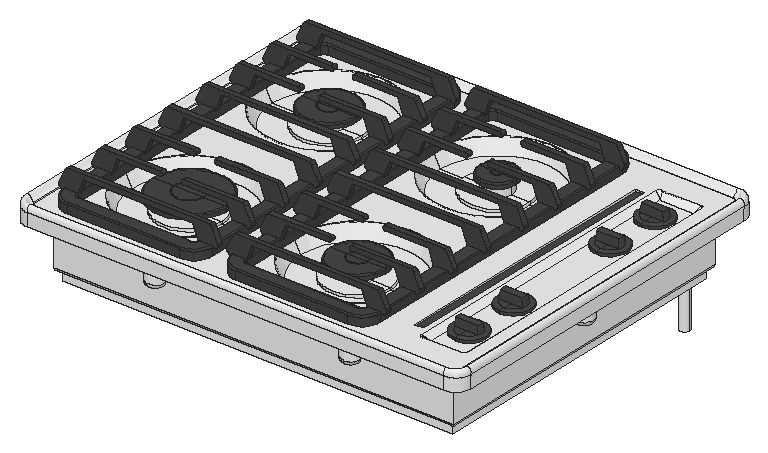
Revit family "QF_Summit_ZTL033S_Cooktop", category Specialty Equipment, Revit 2020 (continued)
Automatic sketch dimensions
  curve 75 to curve 94 = 0"  (x2)
  curve 75 to curve 117 = 0"  (x2)
  curve 75 to curve 118 = 0"  (x2)
  curve 75 to curve 119 = 0"  (x2)
  curve 75 to curve 120 = 0"  (x2)
  curve 75 to curve 121 = 0"  (x2)
  curve 75 to curve 122 = 0"  (x2)
  curve 75 to curve 123 = 0"  (x2)
  curve 75 to curve 124 = 0"  (x2)
  curve 75 to curve 125 = 0"  (x2)
  curve 75 to curve 126 = 0"  (x2)
  curve 75 to curve 127 = 0"  (x2)
  curve 75 to curve 128 = 0"  (x2)
  curve 75 to curve 129 = 0"  (x2)
  curve 75 to curve 130 = 0"  (x2)
  curve 75 to curve 131 = 0"  (x2)
  curve 75 to curve 132 = 0"  (x2)
  curve 75 to curve 133 = 0"  (x2)
  curve 75 to curve 134 = 0"  (x2)
  curve 76 to curve 91 = 0"  (x2)
  curve 76 to curve 92 = 0"  (x2)
  curve 76 to curve 93 = 0"  (x2)
  curve 76 to curve 94 = 0"  (x2)
  curve 76 to curve 117 = 0"  (x2)
  curve 76 to curve 118 = 0"  (x2)
  curve 76 to curve 119 = 0"  (x2)
  curve 76 to curve 120 = 0"  (x2)
  curve 76 to curve 121 = 0"  (x2)
  curve 76 to curve 122 = 0"  (x2)
  curve 76 to curve 123 = 0"  (x2)
  curve 76 to curve 124 = 0"  (x2)
  curve 76 to curve 125 = 0"  (x2)
  curve 76 to curve 126 = 0"  (x2)
  curve 76 to curve 127 = 0"  (x2)
  curve 76 to curve 128 = 0"  (x2)
  curve 76 to curve 129 = 0"  (x2)
  curve 76 to curve 130 = 0"  (x2)
  curve 76 to curve 131 = 0"  (x2)
  curve 76 to curve 132 = 0"  (x2)
  curve 76 to curve 133 = 0"  (x2)
  curve 76 to curve 134 = 0"  (x2)
  curve 77 to curve 78 = 0"  (x2)
  curve 77 to curve 79 = 0"  (x2)
  curve 77 to curve 80 = 0"  (x2)
  curve 77 to curve 81 = 0"  (x2)
  curve 77 to curve 82 = 0"  (x2)
  curve 77 to curve 95 = 0"  (x2)
  curve 77 to curve 96 = 0"  (x2)
  curve 77 to curve 97 = 0"  (x2)
  curve 77 to curve 98 = 0"  (x2)
  curve 77 to curve 114 = 0"  (x2)
  curve 77 to curve 115 = 0"  (x2)
  curve 77 to curve 116 = 0"  (x2)
  curve 77 to curve 135 = 0"  (x2)
  curve 77 to curve 136 = 0"  (x2)
  curve 77 to curve 137 = 0"  (x2)
  curve 77 to curve 138 = 0"  (x2)
  curve 77 to curve 139 = 0"  (x2)
  curve 77 to curve 140 = 0"  (x2)
  curve 77 to curve 141 = 0"  (x2)
  curve 77 to curve 142 = 0"  (x2)
  curve 77 to curve 143 = 0"  (x2)
  curve 78 to curve 79 = 0"  (x2)
  curve 78 to curve 80 = 0"  (x2)
  curve 78 to curve 81 = 0"  (x2)
  curve 78 to curve 82 = 0"  (x2)
  curve 78 to curve 95 = 0"  (x2)
  curve 78 to curve 96 = 0"  (x2)
  curve 78 to curve 97 = 0"  (x2)
  curve 78 to curve 98 = 0"  (x2)
  curve 78 to curve 114 = 0"  (x2)
  curve 78 to curve 115 = 0"  (x2)
  curve 78 to curve 116 = 0"  (x2)
  curve 78 to curve 135 = 0"  (x2)
  curve 78 to curve 136 = 0"  (x2)
  curve 78 to curve 137 = 0"  (x2)
  curve 78 to curve 138 = 0"  (x2)
  curve 78 to curve 139 = 0"  (x2)
  curve 78 to curve 140 = 0"  (x2)
  curve 78 to curve 141 = 0"  (x2)
  curve 78 to curve 142 = 0"  (x2)
  curve 78 to curve 143 = 0"  (x2)
  curve 79 to curve 80 = 0"  (x2)
  curve 79 to curve 81 = 0"  (x2)
  curve 79 to curve 82 = 0"  (x2)
  curve 79 to curve 95 = 0"  (x2)
  curve 79 to curve 96 = 0"  (x2)
  curve 79 to curve 97 = 0"  (x2)
  curve 79 to curve 98 = 0"  (x2)
  curve 79 to curve 114 = 0"  (x2)
  curve 79 to curve 115 = 0"  (x2)
  curve 79 to curve 116 = 0"  (x2)
  curve 79 to curve 135 = 0"  (x2)
  curve 79 to curve 136 = 0"  (x2)
  curve 79 to curve 137 = 0"  (x2)
  curve 79 to curve 138 = 0"  (x2)
  curve 79 to curve 139 = 0"  (x2)
  curve 79 to curve 140 = 0"  (x2)
  curve 79 to curve 141 = 0"  (x2)
  curve 79 to curve 142 = 0"  (x2)
  curve 79 to curve 143 = 0"  (x2)
  curve 80 to curve 81 = 0"  (x2)
  curve 80 to curve 82 = 0"  (x2)
  curve 80 to curve 95 = 0"  (x2)
  curve 80 to curve 96 = 0"  (x2)
  curve 80 to curve 97 = 0"  (x2)
  curve 80 to curve 98 = 0"  (x2)
  curve 80 to curve 114 = 0"  (x2)
  curve 80 to curve 115 = 0"  (x2)
  curve 80 to curve 116 = 0"  (x2)
  curve 80 to curve 135 = 0"  (x2)
  curve 80 to curve 136 = 0"  (x2)
  curve 80 to curve 137 = 0"  (x2)
  curve 80 to curve 138 = 0"  (x2)
  curve 80 to curve 139 = 0"  (x2)
  curve 80 to curve 140 = 0"  (x2)
  curve 80 to curve 141 = 0"  (x2)
  curve 80 to curve 142 = 0"  (x2)
  curve 80 to curve 143 = 0"  (x2)
  curve 81 to curve 82 = 0"  (x2)
  curve 81 to curve 95 = 0"  (x2)
  curve 81 to curve 96 = 0"  (x2)
  curve 81 to curve 97 = 0"  (x2)
  curve 81 to curve 98 = 0"  (x2)
  curve 81 to curve 114 = 0"  (x2)
  curve 81 to curve 115 = 0"  (x2)
  curve 81 to curve 116 = 0"  (x2)
  curve 81 to curve 135 = 0"  (x2)
  curve 81 to curve 136 = 0"  (x2)
  curve 81 to curve 137 = 0"  (x2)
  curve 81 to curve 138 = 0"  (x2)
  curve 81 to curve 139 = 0"  (x2)
  curve 81 to curve 140 = 0"  (x2)
  curve 81 to curve 141 = 0"  (x2)
  curve 81 to curve 142 = 0"  (x2)
  curve 81 to curve 143 = 0"  (x2)
  curve 82 to curve 95 = 0"  (x2)
  curve 82 to curve 96 = 0"  (x2)
  curve 82 to curve 97 = 0"  (x2)
  curve 82 to curve 98 = 0"  (x2)
  curve 82 to curve 114 = 0"  (x2)
  curve 82 to curve 115 = 0"  (x2)
  curve 82 to curve 116 = 0"  (x2)
  curve 82 to curve 135 = 0"  (x2)
  curve 82 to curve 136 = 0"  (x2)
  curve 82 to curve 137 = 0"  (x2)
  curve 82 to curve 138 = 0"  (x2)
  curve 82 to curve 139 = 0"  (x2)
  curve 82 to curve 140 = 0"  (x2)
  curve 82 to curve 141 = 0"  (x2)
  curve 82 to curve 142 = 0"  (x2)
  curve 82 to curve 143 = 0"  (x2)
  curve 83 to curve 84 = 0"  (x2)
  curve 83 to curve 85 = 0"  (x2)
  curve 83 to curve 86 = 0"  (x2)
  curve 83 to curve 102 = 0"  (x2)
  curve 83 to curve 103 = 0"  (x2)
  curve 83 to curve 104 = 0"  (x2)
  curve 83 to curve 105 = 0"  (x2)
  curve 83 to curve 106 = 0"  (x2)
  curve 83 to curve 107 = 0"  (x2)
  curve 83 to curve 108 = 0"  (x2)
  curve 83 to curve 109 = 0"  (x2)
  curve 83 to curve 152 = 0"  (x2)
  curve 83 to curve 153 = 0"  (x2)
  curve 83 to curve 154 = 0"  (x2)
  curve 83 to curve 155 = 0"  (x2)
  curve 83 to curve 156 = 0"  (x2)
  curve 83 to curve 157 = 0"  (x2)
  curve 83 to curve 158 = 0"  (x2)
  curve 83 to curve 159 = 0"  (x2)
  curve 84 to curve 85 = 0"  (x2)
  curve 84 to curve 86 = 0"  (x2)
  curve 84 to curve 102 = 0"  (x2)
  curve 84 to curve 103 = 0"  (x2)
  curve 84 to curve 104 = 0"  (x2)
  curve 84 to curve 105 = 0"  (x2)
  curve 84 to curve 106 = 0"  (x2)
  curve 84 to curve 107 = 0"  (x2)
  curve 84 to curve 108 = 0"  (x2)
  curve 84 to curve 109 = 0"  (x2)
  curve 84 to curve 152 = 0"  (x2)
  curve 84 to curve 153 = 0"  (x2)
  curve 84 to curve 154 = 0"  (x2)
  curve 84 to curve 155 = 0"  (x2)
  curve 84 to curve 156 = 0"  (x2)
  curve 84 to curve 157 = 0"  (x2)
  curve 84 to curve 158 = 0"  (x2)
  curve 84 to curve 159 = 0"  (x2)
  curve 85 to curve 86 = 0"  (x2)
  curve 85 to curve 102 = 0"  (x2)
  curve 85 to curve 103 = 0"  (x2)
  curve 85 to curve 104 = 0"  (x2)
  curve 85 to curve 105 = 0"  (x2)
  curve 85 to curve 106 = 0"  (x2)
  curve 85 to curve 107 = 0"  (x2)
  curve 85 to curve 108 = 0"  (x2)
  curve 85 to curve 109 = 0"  (x2)
  curve 85 to curve 152 = 0"  (x2)
  curve 85 to curve 153 = 0"  (x2)
  curve 85 to curve 154 = 0"  (x2)
  curve 85 to curve 155 = 0"  (x2)
  curve 85 to curve 156 = 0"  (x2)
  curve 85 to curve 157 = 0"  (x2)
  curve 85 to curve 158 = 0"  (x2)
  curve 85 to curve 159 = 0"  (x2)
  curve 86 to curve 102 = 0"  (x2)
  curve 86 to curve 103 = 0"  (x2)
  curve 86 to curve 104 = 0"  (x2)
  curve 86 to curve 105 = 0"  (x2)
  curve 86 to curve 106 = 0"  (x2)
  curve 86 to curve 107 = 0"  (x2)
  curve 86 to curve 108 = 0"  (x2)
  curve 86 to curve 109 = 0"  (x2)
  curve 86 to curve 152 = 0"  (x2)
  curve 86 to curve 153 = 0"  (x2)
  curve 86 to curve 154 = 0"  (x2)
  curve 86 to curve 155 = 0"  (x2)
  curve 86 to curve 156 = 0"  (x2)
  curve 86 to curve 157 = 0"  (x2)
  curve 86 to curve 158 = 0"  (x2)
  curve 86 to curve 159 = 0"  (x2)
  curve 87 to curve 88 = 0"  (x2)
  curve 87 to curve 89 = 0"  (x2)
  curve 87 to curve 90 = 0"  (x2)
  curve 87 to curve 99 = 0"  (x2)
  curve 87 to curve 100 = 0"  (x2)
  curve 87 to curve 101 = 0"  (x2)
  curve 87 to curve 110 = 0"  (x2)
  curve 87 to curve 111 = 0"  (x2)
  curve 87 to curve 112 = 0"  (x2)
  curve 87 to curve 113 = 0"  (x2)
  curve 87 to curve 144 = 0"  (x2)
  curve 87 to curve 145 = 0"  (x2)
  curve 87 to curve 146 = 0"  (x2)
  curve 87 to curve 147 = 0"  (x2)
  curve 87 to curve 148 = 0"  (x2)
  curve 87 to curve 149 = 0"  (x2)
  curve 87 to curve 150 = 0"  (x2)
  curve 87 to curve 151 = 0"  (x2)
  curve 87 to curve 160 = 0"  (x2)
  curve 87 to curve 161 = 0"  (x2)
  curve 87 to curve 162 = 0"  (x2)
  curve 87 to curve 163 = 0"  (x2)
  curve 87 to curve 164 = 0"  (x2)
  curve 87 to curve 165 = 0"  (x2)
  curve 88 to curve 89 = 0"  (x2)
  curve 88 to curve 90 = 0"  (x2)
  curve 88 to curve 99 = 0"  (x2)
  curve 88 to curve 100 = 0"  (x2)
  curve 88 to curve 101 = 0"  (x2)
  curve 88 to curve 110 = 0"  (x2)
  curve 88 to curve 111 = 0"  (x2)
  curve 88 to curve 112 = 0"  (x2)
  curve 88 to curve 113 = 0"  (x2)
  curve 88 to curve 144 = 0"  (x2)
  curve 88 to curve 145 = 0"  (x2)
  curve 88 to curve 146 = 0"  (x2)
  curve 88 to curve 147 = 0"  (x2)
  curve 88 to curve 148 = 0"  (x2)
  curve 88 to curve 149 = 0"  (x2)
  curve 88 to curve 150 = 0"  (x2)
  curve 88 to curve 151 = 0"  (x2)
  curve 88 to curve 160 = 0"  (x2)
  curve 88 to curve 161 = 0"  (x2)
  curve 88 to curve 162 = 0"  (x2)
  curve 88 to curve 163 = 0"  (x2)
  curve 88 to curve 164 = 0"  (x2)
  curve 88 to curve 165 = 0"  (x2)
  curve 89 to curve 90 = 0"  (x2)
  curve 89 to curve 99 = 0"  (x2)
  curve 89 to curve 100 = 0"  (x2)
  curve 89 to curve 101 = 0"  (x2)
  curve 89 to curve 110 = 0"  (x2)
  curve 89 to curve 111 = 0"  (x2)
  curve 89 to curve 112 = 0"  (x2)
  curve 89 to curve 113 = 0"  (x2)
  curve 89 to curve 144 = 0"  (x2)
  curve 89 to curve 145 = 0"  (x2)
  curve 89 to curve 146 = 0"  (x2)
  curve 89 to curve 147 = 0"  (x2)
  curve 89 to curve 148 = 0"  (x2)
  curve 89 to curve 149 = 0"  (x2)
  curve 89 to curve 150 = 0"  (x2)
  curve 89 to curve 151 = 0"  (x2)
  curve 89 to curve 160 = 0"  (x2)
  curve 89 to curve 161 = 0"  (x2)
  curve 89 to curve 162 = 0"  (x2)
  curve 89 to curve 163 = 0"  (x2)
  curve 89 to curve 164 = 0"  (x2)
  curve 89 to curve 165 = 0"  (x2)
  curve 90 to curve 99 = 0"  (x2)
  curve 90 to curve 100 = 0"  (x2)
  curve 90 to curve 101 = 0"  (x2)
  curve 90 to curve 110 = 0"  (x2)
  curve 90 to curve 111 = 0"  (x2)
  curve 90 to curve 112 = 0"  (x2)
  curve 90 to curve 113 = 0"  (x2)
  curve 90 to curve 144 = 0"  (x2)
  curve 90 to curve 145 = 0"  (x2)
  curve 90 to curve 146 = 0"  (x2)
  curve 90 to curve 147 = 0"  (x2)
  curve 90 to curve 148 = 0"  (x2)
  curve 90 to curve 149 = 0"  (x2)
  curve 90 to curve 150 = 0"  (x2)
  curve 90 to curve 151 = 0"  (x2)
  curve 90 to curve 160 = 0"  (x2)
  curve 90 to curve 161 = 0"  (x2)
  curve 90 to curve 162 = 0"  (x2)
  curve 90 to curve 163 = 0"  (x2)
  curve 90 to curve 164 = 0"  (x2)
  curve 90 to curve 165 = 0"  (x2)
  curve 91 to curve 92 = 0"  (x2)
  curve 91 to curve 93 = 0"  (x2)
  curve 91 to curve 94 = 0"  (x2)
  curve 91 to curve 117 = 0"  (x2)
  curve 91 to curve 118 = 0"  (x2)
  curve 91 to curve 119 = 0"  (x2)
  curve 91 to curve 120 = 0"  (x2)
  curve 91 to curve 121 = 0"  (x2)
  curve 91 to curve 122 = 0"  (x2)
  curve 91 to curve 123 = 0"  (x2)
  curve 91 to curve 124 = 0"  (x2)
  curve 91 to curve 125 = 0"  (x2)
  curve 91 to curve 126 = 0"  (x2)
  curve 91 to curve 127 = 0"  (x2)
  curve 91 to curve 128 = 0"  (x2)
  curve 91 to curve 129 = 0"  (x2)
  curve 91 to curve 130 = 0"  (x2)
  curve 91 to curve 131 = 0"  (x2)
  curve 91 to curve 132 = 0"  (x2)
  curve 91 to curve 133 = 0"  (x2)
  curve 91 to curve 134 = 0"  (x2)
  curve 92 to curve 93 = 0"  (x2)
  curve 92 to curve 94 = 0"  (x2)
  curve 92 to curve 117 = 0"  (x2)
  curve 92 to curve 118 = 0"  (x2)
  curve 92 to curve 119 = 0"  (x2)
  curve 92 to curve 120 = 0"  (x2)
  curve 92 to curve 121 = 0"  (x2)
  curve 92 to curve 122 = 0"  (x2)
  curve 92 to curve 123 = 0"  (x2)
  curve 92 to curve 124 = 0"  (x2)
  curve 92 to curve 125 = 0"  (x2)
  curve 92 to curve 126 = 0"  (x2)
  curve 92 to curve 127 = 0"  (x2)
  curve 92 to curve 128 = 0"  (x2)
  curve 92 to curve 129 = 0"  (x2)
  curve 92 to curve 130 = 0"  (x2)
  curve 92 to curve 131 = 0"  (x2)
  curve 92 to curve 132 = 0"  (x2)
  curve 92 to curve 133 = 0"  (x2)
  curve 92 to curve 134 = 0"  (x2)
  curve 93 to curve 94 = 0"  (x2)
  curve 93 to curve 117 = 0"  (x2)
  curve 93 to curve 118 = 0"  (x2)
  curve 93 to curve 119 = 0"  (x2)
  curve 93 to curve 120 = 0"  (x2)
  curve 93 to curve 121 = 0"  (x2)
  curve 93 to curve 122 = 0"  (x2)
  curve 93 to curve 123 = 0"  (x2)
  curve 93 to curve 124 = 0"  (x2)
  curve 93 to curve 125 = 0"  (x2)
  curve 93 to curve 126 = 0"  (x2)
  curve 93 to curve 127 = 0"  (x2)
  curve 93 to curve 128 = 0"  (x2)
  curve 93 to curve 129 = 0"  (x2)
  curve 93 to curve 130 = 0"  (x2)
  curve 93 to curve 131 = 0"  (x2)
  curve 93 to curve 132 = 0"  (x2)
  curve 93 to curve 133 = 0"  (x2)
  curve 93 to curve 134 = 0"  (x2)
  curve 94 to curve 117 = 0"  (x2)
  curve 94 to curve 118 = 0"  (x2)
  curve 94 to curve 119 = 0"  (x2)
  curve 94 to curve 120 = 0"  (x2)
  curve 94 to curve 121 = 0"  (x2)
  curve 94 to curve 122 = 0"  (x2)
  curve 94 to curve 123 = 0"  (x2)
  curve 94 to curve 124 = 0"  (x2)
  curve 94 to curve 125 = 0"  (x2)
  curve 94 to curve 126 = 0"  (x2)
  curve 94 to curve 127 = 0"  (x2)
  curve 94 to curve 128 = 0"  (x2)
  curve 94 to curve 129 = 0"  (x2)
  curve 94 to curve 130 = 0"  (x2)
  curve 94 to curve 131 = 0"  (x2)
  curve 94 to curve 132 = 0"  (x2)
  curve 94 to curve 133 = 0"  (x2)
  curve 94 to curve 134 = 0"  (x2)
  curve 95 to curve 96 = 0"  (x2)
  curve 95 to curve 97 = 0"  (x2)
  curve 95 to curve 98 = 0"  (x2)
  curve 95 to curve 114 = 0"  (x2)
  curve 95 to curve 115 = 0"  (x2)
  curve 95 to curve 116 = 0"  (x2)
  curve 95 to curve 135 = 0"  (x2)
  curve 95 to curve 136 = 0"  (x2)
  curve 95 to curve 137 = 0"  (x2)
  curve 95 to curve 138 = 0"  (x2)
  curve 95 to curve 139 = 0"  (x2)
  curve 95 to curve 140 = 0"  (x2)
  curve 95 to curve 141 = 0"  (x2)
  curve 95 to curve 142 = 0"  (x2)
  curve 95 to curve 143 = 0"  (x2)
  curve 96 to curve 97 = 0"  (x2)
  curve 96 to curve 98 = 0"  (x2)
  curve 96 to curve 114 = 0"  (x2)
  curve 96 to curve 115 = 0"  (x2)
  curve 96 to curve 116 = 0"  (x2)
  curve 96 to curve 135 = 0"  (x2)
  curve 96 to curve 136 = 0"  (x2)
  curve 96 to curve 137 = 0"  (x2)
  curve 96 to curve 138 = 0"  (x2)
  curve 96 to curve 139 = 0"  (x2)
  curve 96 to curve 140 = 0"  (x2)
  curve 96 to curve 141 = 0"  (x2)
  curve 96 to curve 142 = 0"  (x2)
  curve 96 to curve 143 = 0"  (x2)
  curve 97 to curve 98 = 0"  (x2)
  curve 97 to curve 114 = 0"  (x2)
  curve 97 to curve 115 = 0"  (x2)
  curve 97 to curve 116 = 0"  (x2)
  curve 97 to curve 135 = 0"  (x2)
  curve 97 to curve 136 = 0"  (x2)
  curve 97 to curve 137 = 0"  (x2)
  curve 97 to curve 138 = 0"  (x2)
  curve 97 to curve 139 = 0"  (x2)
  curve 97 to curve 140 = 0"  (x2)
  curve 97 to curve 141 = 0"  (x2)
  curve 97 to curve 142 = 0"  (x2)
  curve 97 to curve 143 = 0"  (x2)
  curve 98 to curve 114 = 0"  (x2)
  curve 98 to curve 115 = 0"  (x2)
  curve 98 to curve 116 = 0"  (x2)
  curve 98 to curve 135 = 0"  (x2)
  curve 98 to curve 136 = 0"  (x2)
  curve 98 to curve 137 = 0"  (x2)
  curve 98 to curve 138 = 0"  (x2)
  curve 98 to curve 139 = 0"  (x2)
  curve 98 to curve 140 = 0"  (x2)
  curve 98 to curve 141 = 0"  (x2)
  curve 98 to curve 142 = 0"  (x2)
  curve 98 to curve 143 = 0"  (x2)
  curve 99 to curve 100 = 0"  (x2)
  curve 99 to curve 101 = 0"  (x2)
  curve 99 to curve 110 = 0"  (x2)
  curve 99 to curve 111 = 0"  (x2)
  curve 99 to curve 112 = 0"  (x2)
  curve 99 to curve 113 = 0"  (x2)
  curve 99 to curve 144 = 0"  (x2)
  curve 99 to curve 145 = 0"  (x2)
  curve 99 to curve 146 = 0"  (x2)
  curve 99 to curve 147 = 0"  (x2)
  curve 99 to curve 148 = 0"  (x2)
  curve 99 to curve 149 = 0"  (x2)
  curve 99 to curve 150 = 0"  (x2)
  curve 99 to curve 151 = 0"  (x2)
  curve 99 to curve 160 = 0"  (x2)
  curve 99 to curve 161 = 0"  (x2)
  curve 99 to curve 162 = 0"  (x2)
  curve 99 to curve 163 = 0"  (x2)
  curve 99 to curve 164 = 0"  (x2)
  curve 99 to curve 165 = 0"  (x2)
  curve 100 to curve 101 = 0"  (x2)
  curve 100 to curve 110 = 0"  (x2)
  curve 100 to curve 111 = 0"  (x2)
  curve 100 to curve 112 = 0"  (x2)
  curve 100 to curve 113 = 0"  (x2)
  curve 100 to curve 144 = 0"  (x2)
  curve 100 to curve 145 = 0"  (x2)
  curve 100 to curve 146 = 0"  (x2)
  curve 100 to curve 147 = 0"  (x2)
  curve 100 to curve 148 = 0"  (x2)
  curve 100 to curve 149 = 0"  (x2)
  curve 100 to curve 150 = 0"  (x2)
  curve 100 to curve 151 = 0"  (x2)
  curve 100 to curve 160 = 0"  (x2)
  curve 100 to curve 161 = 0"  (x2)
  curve 100 to curve 162 = 0"  (x2)
  curve 100 to curve 163 = 0"  (x2)
  curve 100 to curve 164 = 0"  (x2)
  curve 100 to curve 165 = 0"  (x2)
  curve 101 to curve 110 = 0"  (x2)
  curve 101 to curve 111 = 0"  (x2)
  curve 101 to curve 112 = 0"  (x2)
  curve 101 to curve 113 = 0"  (x2)
  curve 101 to curve 144 = 0"  (x2)
  curve 101 to curve 145 = 0"  (x2)
  curve 101 to curve 146 = 0"  (x2)
  curve 101 to curve 147 = 0"  (x2)
  curve 101 to curve 148 = 0"  (x2)
  curve 101 to curve 149 = 0"  (x2)
  curve 101 to curve 150 = 0"  (x2)
  curve 101 to curve 151 = 0"  (x2)
  curve 101 to curve 160 = 0"  (x2)
  curve 101 to curve 161 = 0"  (x2)
  curve 101 to curve 162 = 0"  (x2)
  curve 101 to curve 163 = 0"  (x2)
  curve 101 to curve 164 = 0"  (x2)
  curve 101 to curve 165 = 0"  (x2)
  curve 102 to curve 103 = 0"  (x2)
  curve 102 to curve 104 = 0"  (x2)
  curve 102 to curve 105 = 0"  (x2)
  curve 102 to curve 106 = 0"  (x2)
  curve 102 to curve 107 = 0"  (x2)
  curve 102 to curve 108 = 0"  (x2)
  curve 102 to curve 109 = 0"  (x2)
  curve 102 to curve 152 = 0"  (x2)
  curve 102 to curve 153 = 0"  (x2)
  curve 102 to curve 154 = 0"  (x2)
  curve 102 to curve 155 = 0"  (x2)
  curve 102 to curve 156 = 0"  (x2)
  curve 102 to curve 157 = 0"  (x2)
  curve 102 to curve 158 = 0"  (x2)
  curve 102 to curve 159 = 0"  (x2)
  curve 103 to curve 104 = 0"  (x2)
  curve 103 to curve 105 = 0"  (x2)
  curve 103 to curve 106 = 0"  (x2)
  curve 103 to curve 107 = 0"  (x2)
  curve 103 to curve 108 = 0"  (x2)
  curve 103 to curve 109 = 0"  (x2)
  curve 103 to curve 152 = 0"  (x2)
  curve 103 to curve 153 = 0"  (x2)
  curve 103 to curve 154 = 0"  (x2)
  curve 103 to curve 155 = 0"  (x2)
  curve 103 to curve 156 = 0"  (x2)
  curve 103 to curve 157 = 0"  (x2)
  curve 103 to curve 158 = 0"  (x2)
  curve 103 to curve 159 = 0"  (x2)
  curve 104 to curve 105 = 0"  (x2)
  curve 104 to curve 106 = 0"  (x2)
  curve 104 to curve 107 = 0"  (x2)
  curve 104 to curve 108 = 0"  (x2)
  curve 104 to curve 109 = 0"  (x2)
  curve 104 to curve 152 = 0"  (x2)
  curve 104 to curve 153 = 0"  (x2)
  curve 104 to curve 154 = 0"  (x2)
  curve 104 to curve 155 = 0"  (x2)
  curve 104 to curve 156 = 0"  (x2)
  curve 104 to curve 157 = 0"  (x2)
  curve 104 to curve 158 = 0"  (x2)
  curve 104 to curve 159 = 0"  (x2)
  curve 105 to curve 106 = 0"  (x2)
  curve 105 to curve 107 = 0"  (x2)
  curve 105 to curve 108 = 0"  (x2)
  curve 105 to curve 109 = 0"  (x2)
  curve 105 to curve 152 = 0"  (x2)
  curve 105 to curve 153 = 0"  (x2)
  curve 105 to curve 154 = 0"  (x2)
  curve 105 to curve 155 = 0"  (x2)
  curve 105 to curve 156 = 0"  (x2)
  curve 105 to curve 157 = 0"  (x2)
  curve 105 to curve 158 = 0"  (x2)
  curve 105 to curve 159 = 0"  (x2)
  curve 106 to curve 107 = 0"  (x2)
  curve 106 to curve 108 = 0"  (x2)
  curve 106 to curve 109 = 0"  (x2)
  curve 106 to curve 152 = 0"  (x2)
  curve 106 to curve 153 = 0"  (x2)
  curve 106 to curve 154 = 0"  (x2)
  curve 106 to curve 155 = 0"  (x2)
  curve 106 to curve 156 = 0"  (x2)
  curve 106 to curve 157 = 0"  (x2)
  curve 106 to curve 158 = 0"  (x2)
  curve 106 to curve 159 = 0"  (x2)
  curve 107 to curve 108 = 0"  (x2)
  curve 107 to curve 109 = 0"  (x2)
  curve 107 to curve 152 = 0"  (x2)
  curve 107 to curve 153 = 0"  (x2)
  curve 107 to curve 154 = 0"  (x2)
  curve 107 to curve 155 = 0"  (x2)
  curve 107 to curve 156 = 0"  (x2)
  curve 107 to curve 157 = 0"  (x2)
  curve 107 to curve 158 = 0"  (x2)
  curve 107 to curve 159 = 0"  (x2)
  curve 108 to curve 109 = 0"  (x2)
  curve 108 to curve 152 = 0"  (x2)
  curve 108 to curve 153 = 0"  (x2)
  curve 108 to curve 154 = 0"  (x2)
  curve 108 to curve 155 = 0"  (x2)
  curve 108 to curve 156 = 0"  (x2)
  curve 108 to curve 157 = 0"  (x2)
  curve 108 to curve 158 = 0"  (x2)
  curve 108 to curve 159 = 0"  (x2)
  curve 109 to curve 152 = 0"  (x2)
  curve 109 to curve 153 = 0"  (x2)
  curve 109 to curve 154 = 0"  (x2)
  curve 109 to curve 155 = 0"  (x2)
  curve 109 to curve 156 = 0"  (x2)
  curve 109 to curve 157 = 0"  (x2)
  curve 109 to curve 158 = 0"  (x2)
  curve 109 to curve 159 = 0"  (x2)
  curve 110 to curve 111 = 0"  (x2)
  curve 110 to curve 112 = 0"  (x2)
  curve 110 to curve 113 = 0"  (x2)
  curve 110 to curve 144 = 0"  (x2)
  curve 110 to curve 145 = 0"  (x2)
  curve 110 to curve 146 = 0"  (x2)
  curve 110 to curve 147 = 0"  (x2)
  curve 110 to curve 148 = 0"  (x2)
  curve 110 to curve 149 = 0"  (x2)
  curve 110 to curve 150 = 0"  (x2)
  curve 110 to curve 151 = 0"  (x2)
  curve 110 to curve 160 = 0"  (x2)
  curve 110 to curve 161 = 0"  (x2)
  curve 110 to curve 162 = 0"  (x2)
  curve 110 to curve 163 = 0"  (x2)
  curve 110 to curve 164 = 0"  (x2)
  curve 110 to curve 165 = 0"  (x2)
  curve 111 to curve 112 = 0"  (x2)
  curve 111 to curve 113 = 0"  (x2)
  curve 111 to curve 144 = 0"  (x2)
  curve 111 to curve 145 = 0"  (x2)
  curve 111 to curve 146 = 0"  (x2)
  curve 111 to curve 147 = 0"  (x2)
  curve 111 to curve 148 = 0"  (x2)
  curve 111 to curve 149 = 0"  (x2)
  curve 111 to curve 150 = 0"  (x2)
  curve 111 to curve 151 = 0"  (x2)
  curve 111 to curve 160 = 0"  (x2)
  curve 111 to curve 161 = 0"  (x2)
  curve 111 to curve 162 = 0"  (x2)
  curve 111 to curve 163 = 0"  (x2)
  curve 111 to curve 164 = 0"  (x2)
  curve 111 to curve 165 = 0"  (x2)
  curve 112 to curve 113 = 0"  (x2)
  curve 112 to curve 144 = 0"  (x2)
  curve 112 to curve 145 = 0"  (x2)
  curve 112 to curve 146 = 0"  (x2)
  curve 112 to curve 147 = 0"  (x2)
  curve 112 to curve 148 = 0"  (x2)
  curve 112 to curve 149 = 0"  (x2)
  curve 112 to curve 150 = 0"  (x2)
  curve 112 to curve 151 = 0"  (x2)
  curve 112 to curve 160 = 0"  (x2)
  curve 112 to curve 161 = 0"  (x2)
  curve 112 to curve 162 = 0"  (x2)
  curve 112 to curve 163 = 0"  (x2)
  curve 112 to curve 164 = 0"  (x2)
  curve 112 to curve 165 = 0"  (x2)
  curve 113 to curve 144 = 0"  (x2)
  curve 113 to curve 145 = 0"  (x2)
  curve 113 to curve 146 = 0"  (x2)
  curve 113 to curve 147 = 0"  (x2)
  curve 113 to curve 148 = 0"  (x2)
  curve 113 to curve 149 = 0"  (x2)
  curve 113 to curve 150 = 0"  (x2)
  curve 113 to curve 151 = 0"  (x2)
  curve 113 to curve 160 = 0"  (x2)
  curve 113 to curve 161 = 0"  (x2)
  curve 113 to curve 162 = 0"  (x2)
  curve 113 to curve 163 = 0"  (x2)
  curve 113 to curve 164 = 0"  (x2)
  curve 113 to curve 165 = 0"  (x2)
  curve 114 to curve 115 = 0"  (x2)
  curve 114 to curve 116 = 0"  (x2)
  curve 114 to curve 135 = 0"  (x2)
  curve 114 to curve 136 = 0"  (x2)
  curve 114 to curve 137 = 0"  (x2)
  curve 114 to curve 138 = 0"  (x2)
  curve 114 to curve 139 = 0"  (x2)
  curve 114 to curve 140 = 0"  (x2)
  curve 114 to curve 141 = 0"  (x2)
  curve 114 to curve 142 = 0"  (x2)
  curve 114 to curve 143 = 0"  (x2)
  curve 115 to curve 116 = 0"  (x2)
  curve 115 to curve 135 = 0"  (x2)
  curve 115 to curve 136 = 0"  (x2)
  curve 115 to curve 137 = 0"  (x2)
  curve 115 to curve 138 = 0"  (x2)
  curve 115 to curve 139 = 0"  (x2)
  curve 115 to curve 140 = 0"  (x2)
  curve 115 to curve 141 = 0"  (x2)
  curve 115 to curve 142 = 0"  (x2)
  curve 115 to curve 143 = 0"  (x2)
  curve 116 to curve 135 = 0"  (x2)
  curve 116 to curve 136 = 0"  (x2)
  curve 116 to curve 137 = 0"  (x2)
  curve 116 to curve 138 = 0"  (x2)
  curve 116 to curve 139 = 0"  (x2)
  curve 116 to curve 140 = 0"  (x2)
  curve 116 to curve 141 = 0"  (x2)
  curve 116 to curve 142 = 0"  (x2)
  curve 116 to curve 143 = 0"  (x2)
  curve 117 to curve 118 = 0"  (x2)
  curve 117 to curve 119 = 0"  (x2)
  curve 117 to curve 120 = 0"  (x2)
  curve 117 to curve 121 = 0"  (x2)
  curve 117 to curve 122 = 0"  (x2)
  curve 117 to curve 123 = 0"  (x2)
  curve 117 to curve 124 = 0"  (x2)
  curve 117 to curve 125 = 0"  (x2)
  curve 117 to curve 126 = 0"  (x2)
  curve 117 to curve 127 = 0"  (x2)
  curve 117 to curve 128 = 0"  (x2)
  curve 117 to curve 129 = 0"  (x2)
  curve 117 to curve 130 = 0"  (x2)
  curve 117 to curve 131 = 0"  (x2)
  curve 117 to curve 132 = 0"  (x2)
  curve 117 to curve 133 = 0"  (x2)
  curve 117 to curve 134 = 0"  (x2)
  curve 118 to curve 119 = 0"  (x2)
  curve 118 to curve 120 = 0"  (x2)
  curve 118 to curve 121 = 0"  (x2)
  curve 118 to curve 122 = 0"  (x2)
  curve 118 to curve 123 = 0"  (x2)
  curve 118 to curve 124 = 0"  (x2)
  curve 118 to curve 125 = 0"  (x2)
  curve 118 to curve 126 = 0"  (x2)
  curve 118 to curve 127 = 0"  (x2)
  curve 118 to curve 128 = 0"  (x2)
  curve 118 to curve 129 = 0"  (x2)
  curve 118 to curve 130 = 0"  (x2)
  curve 118 to curve 131 = 0"  (x2)
  curve 118 to curve 132 = 0"  (x2)
  curve 118 to curve 133 = 0"  (x2)
  curve 118 to curve 134 = 0"  (x2)
  curve 119 to curve 120 = 0"  (x2)
  curve 119 to curve 121 = 0"  (x2)
  curve 119 to curve 122 = 0"  (x2)
  curve 119 to curve 123 = 0"  (x2)
  curve 119 to curve 124 = 0"  (x2)
  curve 119 to curve 125 = 0"  (x2)
  curve 119 to curve 126 = 0"  (x2)
  curve 119 to curve 127 = 0"  (x2)
  curve 119 to curve 128 = 0"  (x2)
  curve 119 to curve 129 = 0"  (x2)
  curve 119 to curve 130 = 0"  (x2)
  curve 119 to curve 131 = 0"  (x2)
  curve 119 to curve 132 = 0"  (x2)
  curve 119 to curve 133 = 0"  (x2)
  curve 119 to curve 134 = 0"  (x2)
  curve 120 to curve 121 = 0"  (x2)
  curve 120 to curve 122 = 0"  (x2)
  curve 120 to curve 123 = 0"  (x2)
  curve 120 to curve 124 = 0"  (x2)
  curve 120 to curve 125 = 0"  (x2)
  curve 120 to curve 126 = 0"  (x2)
  curve 120 to curve 127 = 0"  (x2)
  curve 120 to curve 128 = 0"  (x2)
  curve 120 to curve 129 = 0"  (x2)
  curve 120 to curve 130 = 0"  (x2)
  curve 120 to curve 131 = 0"  (x2)
  curve 120 to curve 132 = 0"  (x2)
  curve 120 to curve 133 = 0"  (x2)
  curve 120 to curve 134 = 0"  (x2)
  curve 121 to curve 122 = 0"  (x2)
  curve 121 to curve 123 = 0"  (x2)
  curve 121 to curve 124 = 0"  (x2)
  curve 121 to curve 125 = 0"  (x2)
  curve 121 to curve 126 = 0"  (x2)
  curve 121 to curve 127 = 0"  (x2)
  curve 121 to curve 128 = 0"  (x2)
  curve 121 to curve 129 = 0"  (x2)
  curve 121 to curve 130 = 0"  (x2)
  curve 121 to curve 131 = 0"  (x2)
  curve 121 to curve 132 = 0"  (x2)
  curve 121 to curve 133 = 0"  (x2)
  curve 121 to curve 134 = 0"  (x2)
  curve 122 to curve 123 = 0"  (x2)
  curve 122 to curve 124 = 0"  (x2)
  curve 122 to curve 125 = 0"  (x2)
  curve 122 to curve 126 = 0"  (x2)
  curve 122 to curve 127 = 0"  (x2)
  curve 122 to curve 128 = 0"  (x2)
  curve 122 to curve 129 = 0"  (x2)
  curve 122 to curve 130 = 0"  (x2)
  curve 122 to curve 131 = 0"  (x2)
  curve 122 to curve 132 = 0"  (x2)
  curve 122 to curve 133 = 0"  (x2)
  curve 122 to curve 134 = 0"  (x2)
  curve 123 to curve 124 = 0"  (x2)
  curve 123 to curve 125 = 0"  (x2)
  curve 123 to curve 126 = 0"  (x2)
  curve 123 to curve 127 = 0"  (x2)
  curve 123 to curve 128 = 0"  (x2)
  curve 123 to curve 129 = 0"  (x2)
  curve 123 to curve 130 = 0"  (x2)
  curve 123 to curve 131 = 0"  (x2)
  curve 123 to curve 132 = 0"  (x2)
  curve 123 to curve 133 = 0"  (x2)
  curve 123 to curve 134 = 0"  (x2)
  curve 124 to curve 125 = 0"  (x2)
  curve 124 to curve 126 = 0"  (x2)
  curve 124 to curve 127 = 0"  (x2)
  curve 124 to curve 128 = 0"  (x2)
  curve 124 to curve 129 = 0"  (x2)
  curve 124 to curve 130 = 0"  (x2)
  curve 124 to curve 131 = 0"  (x2)
  curve 124 to curve 132 = 0"  (x2)
  curve 124 to curve 133 = 0"  (x2)
  curve 124 to curve 134 = 0"  (x2)
  curve 125 to curve 126 = 0"  (x2)
  curve 125 to curve 127 = 0"  (x2)
  curve 125 to curve 128 = 0"  (x2)
  curve 125 to curve 129 = 0"  (x2)
  curve 125 to curve 130 = 0"  (x2)
  curve 125 to curve 131 = 0"  (x2)
  curve 125 to curve 132 = 0"  (x2)
  curve 125 to curve 133 = 0"  (x2)
  curve 125 to curve 134 = 0"  (x2)
  curve 126 to curve 127 = 0"  (x2)
  curve 126 to curve 128 = 0"  (x2)
  curve 126 to curve 129 = 0"  (x2)
  curve 126 to curve 130 = 0"  (x2)
  curve 126 to curve 131 = 0"  (x2)
  curve 126 to curve 132 = 0"  (x2)
  curve 126 to curve 133 = 0"  (x2)
  curve 126 to curve 134 = 0"  (x2)
  curve 127 to curve 128 = 0"  (x2)
  curve 127 to curve 129 = 0"  (x2)
  curve 127 to curve 130 = 0"  (x2)
  curve 127 to curve 131 = 0"  (x2)
  curve 127 to curve 132 = 0"  (x2)
  curve 127 to curve 133 = 0"  (x2)
  curve 127 to curve 134 = 0"  (x2)
  curve 128 to curve 129 = 0"  (x2)
  curve 128 to curve 130 = 0"  (x2)
  curve 128 to curve 131 = 0"  (x2)
  curve 128 to curve 132 = 0"  (x2)
  curve 128 to curve 133 = 0"  (x2)
  curve 128 to curve 134 = 0"  (x2)
  curve 129 to curve 130 = 0"  (x2)
  curve 129 to curve 131 = 0"  (x2)
  curve 129 to curve 132 = 0"  (x2)
  curve 129 to curve 133 = 0"  (x2)
  curve 129 to curve 134 = 0"  (x2)
  curve 130 to curve 131 = 0"  (x2)
  curve 130 to curve 132 = 0"  (x2)
  curve 130 to curve 133 = 0"  (x2)
  curve 130 to curve 134 = 0"  (x2)
  curve 131 to curve 132 = 0"  (x2)
  curve 131 to curve 133 = 0"  (x2)
  curve 131 to curve 134 = 0"  (x2)
  curve 132 to curve 133 = 0"  (x2)
  curve 132 to curve 134 = 0"  (x2)
  curve 133 to curve 134 = 0"  (x2)
  curve 135 to curve 136 = 0"  (x2)
  curve 135 to curve 137 = 0"  (x2)
  curve 135 to curve 138 = 0"  (x2)
  curve 135 to curve 139 = 0"  (x2)
  curve 135 to curve 140 = 0"  (x2)
  curve 135 to curve 141 = 0"  (x2)
  curve 135 to curve 142 = 0"  (x2)
  curve 135 to curve 143 = 0"  (x2)
  curve 136 to curve 137 = 0"  (x2)
  curve 136 to curve 138 = 0"  (x2)
  curve 136 to curve 139 = 0"  (x2)
  curve 136 to curve 140 = 0"  (x2)
  curve 136 to curve 141 = 0"  (x2)
  curve 136 to curve 142 = 0"  (x2)
  curve 136 to curve 143 = 0"  (x2)
  curve 137 to curve 138 = 0"  (x2)
  curve 137 to curve 139 = 0"  (x2)
  curve 137 to curve 140 = 0"  (x2)
  curve 137 to curve 141 = 0"  (x2)
  curve 137 to curve 142 = 0"  (x2)
  curve 137 to curve 143 = 0"  (x2)
  curve 138 to curve 139 = 0"  (x2)
  curve 138 to curve 140 = 0"  (x2)
  curve 138 to curve 141 = 0"  (x2)
  curve 138 to curve 142 = 0"  (x2)
  curve 138 to curve 143 = 0"  (x2)
  curve 139 to curve 140 = 0"  (x2)
  curve 139 to curve 141 = 0"  (x2)
  curve 139 to curve 142 = 0"  (x2)
  curve 139 to curve 143 = 0"  (x2)
  curve 140 to curve 141 = 0"  (x2)
  curve 140 to curve 142 = 0"  (x2)
  curve 140 to curve 143 = 0"  (x2)
  curve 141 to curve 142 = 0"  (x2)
  curve 141 to curve 143 = 0"  (x2)
  curve 142 to curve 143 = 0"  (x2)
  curve 144 to curve 145 = 0"  (x2)
  curve 144 to curve 146 = 0"  (x2)
  curve 144 to curve 147 = 0"  (x2)
  curve 144 to curve 148 = 0"  (x2)
  curve 144 to curve 149 = 0"  (x2)
  curve 144 to curve 150 = 0"  (x2)
  curve 144 to curve 151 = 0"  (x2)
  curve 144 to curve 160 = 0"  (x2)
  curve 144 to curve 161 = 0"  (x2)
  curve 144 to curve 162 = 0"  (x2)
  curve 144 to curve 163 = 0"  (x2)
  curve 144 to curve 164 = 0"  (x2)
  curve 144 to curve 165 = 0"  (x2)
  curve 145 to curve 146 = 0"  (x2)
  curve 145 to curve 147 = 0"  (x2)
  curve 145 to curve 148 = 0"  (x2)
  curve 145 to curve 149 = 0"  (x2)
  curve 145 to curve 150 = 0"  (x2)
  curve 145 to curve 151 = 0"  (x2)
  curve 145 to curve 160 = 0"  (x2)
  curve 145 to curve 161 = 0"  (x2)
  curve 145 to curve 162 = 0"  (x2)
  curve 145 to curve 163 = 0"  (x2)
  curve 145 to curve 164 = 0"  (x2)
  curve 145 to curve 165 = 0"  (x2)
  curve 146 to curve 147 = 0"  (x2)
  curve 146 to curve 148 = 0"  (x2)
  curve 146 to curve 149 = 0"  (x2)
  curve 146 to curve 150 = 0"  (x2)
  curve 146 to curve 151 = 0"  (x2)
  curve 146 to curve 160 = 0"  (x2)
  curve 146 to curve 161 = 0"  (x2)
  curve 146 to curve 162 = 0"  (x2)
  curve 146 to curve 163 = 0"  (x2)
  curve 146 to curve 164 = 0"  (x2)
  curve 146 to curve 165 = 0"  (x2)
  curve 147 to curve 148 = 0"  (x2)
  curve 147 to curve 149 = 0"  (x2)
  curve 147 to curve 150 = 0"  (x2)
  curve 147 to curve 151 = 0"  (x2)
  curve 147 to curve 160 = 0"  (x2)
  curve 147 to curve 161 = 0"  (x2)
  curve 147 to curve 162 = 0"  (x2)
  curve 147 to curve 163 = 0"  (x2)
  curve 147 to curve 164 = 0"  (x2)
  curve 147 to curve 165 = 0"  (x2)
  curve 148 to curve 149 = 0"  (x2)
  curve 148 to curve 150 = 0"  (x2)
  curve 148 to curve 151 = 0"  (x2)
  curve 148 to curve 160 = 0"  (x2)
  curve 148 to curve 161 = 0"  (x2)
  curve 148 to curve 162 = 0"  (x2)
  curve 148 to curve 163 = 0"  (x2)
  curve 148 to curve 164 = 0"  (x2)
  curve 148 to curve 165 = 0"  (x2)
  curve 149 to curve 150 = 0"  (x2)
  curve 149 to curve 151 = 0"  (x2)
  curve 149 to curve 160 = 0"  (x2)
  curve 149 to curve 161 = 0"  (x2)
  curve 149 to curve 162 = 0"  (x2)
  curve 149 to curve 163 = 0"  (x2)
  curve 149 to curve 164 = 0"  (x2)
  curve 149 to curve 165 = 0"  (x2)
  curve 150 to curve 151 = 0"  (x2)
  curve 150 to curve 160 = 0"  (x2)
  curve 150 to curve 161 = 0"  (x2)
  curve 150 to curve 162 = 0"  (x2)
  curve 150 to curve 163 = 0"  (x2)
  curve 150 to curve 164 = 0"  (x2)
  curve 150 to curve 165 = 0"  (x2)
  curve 151 to curve 160 = 0"  (x2)
  curve 151 to curve 161 = 0"  (x2)
  curve 151 to curve 162 = 0"  (x2)
  curve 151 to curve 163 = 0"  (x2)
  curve 151 to curve 164 = 0"  (x2)
  curve 151 to curve 165 = 0"  (x2)
  curve 152 to curve 153 = 0"  (x2)
  curve 152 to curve 154 = 0"  (x2)
  curve 152 to curve 155 = 0"  (x2)
  curve 152 to curve 156 = 0"  (x2)
  curve 152 to curve 157 = 0"  (x2)
  curve 152 to curve 158 = 0"  (x2)
  curve 152 to curve 159 = 0"  (x2)
  curve 153 to curve 154 = 0"  (x2)
  curve 153 to curve 155 = 0"  (x2)
  curve 153 to curve 156 = 0"  (x2)
  curve 153 to curve 157 = 0"  (x2)
  curve 153 to curve 158 = 0"  (x2)
  curve 153 to curve 159 = 0"  (x2)
  curve 154 to curve 155 = 0"  (x2)
  curve 154 to curve 156 = 0"  (x2)
  curve 154 to curve 157 = 0"  (x2)
  curve 154 to curve 158 = 0"  (x2)
  curve 154 to curve 159 = 0"  (x2)
  curve 155 to curve 156 = 0"  (x2)
  curve 155 to curve 157 = 0"  (x2)
  curve 155 to curve 158 = 0"  (x2)
  curve 155 to curve 159 = 0"  (x2)
  curve 156 to curve 157 = 0"  (x2)
  curve 156 to curve 158 = 0"  (x2)
  curve 156 to curve 159 = 0"  (x2)
  curve 157 to curve 158 = 0"  (x2)
  curve 157 to curve 159 = 0"  (x2)
  curve 158 to curve 159 = 0"  (x2)
  curve 160 to curve 161 = 0"  (x2)
  curve 160 to curve 162 = 0"  (x2)
  curve 160 to curve 163 = 0"  (x2)
  curve 160 to curve 164 = 0"  (x2)
  curve 160 to curve 165 = 0"  (x2)
  curve 161 to curve 162 = 0"  (x2)
  curve 161 to curve 163 = 0"  (x2)
  curve 161 to curve 164 = 0"  (x2)
  curve 161 to curve 165 = 0"  (x2)
  curve 162 to curve 163 = 0"  (x2)
  curve 162 to curve 164 = 0"  (x2)
  curve 162 to curve 165 = 0"  (x2)
  curve 163 to curve 164 = 0"  (x2)
  curve 163 to curve 165 = 0"  (x2)
  curve 164 to curve 165 = 0"  (x2)
  curve 65 to plane 3 "LEFT" = 0.00016"
  plane 3 "LEFT" to curve 37 = 9/16"
  curve 37 to curve 38 = 1/4"
  curve 64 to curve 64 = 1/4"
  plane 3 "LEFT" to curve 154 = 5.27794"
  plane 3 "LEFT" to curve 119 = 5.27794"
  plane 7 "Center Y" to curve 99 = 2.33654"
  plane 7 "Center Y" to curve 98 = 2.33654"
  plane 4 "RIGHT" to curve 54 = 4.43626"
  curve 54 to curve 61 = 1/16"
  curve 54 to curve 56 = 1/16"
  curve 60 to curve 60 = 3/8"
  curve 55 to curve 57 = 3/8"
  curve 59 to curve 58 = 1/16"
  curve 56 to curve 52 = 0.32834"
  curve 51 to curve 51 = 0.17489"
  curve 53 to curve 46 = 0.17489"
  curve 51 to curve 43 = 0.15303"
  plane 4 "RIGHT" to curve 44 = 1.53001"
  curve 42 to curve 47 = 0.15303"  (x2)
  curve 44 to curve 50 = 0.15303"
  curve 47 to curve 48 = 0.17489"
  plane 4 "RIGHT" to curve 40 = 13/16"
  plane 5 "FRONT" to curve 71 = 0.00016"
  plane 4 "RIGHT" to curve 71 = 13/16"
  curve 40 to curve 41 = 1/4"
  curve 50 to plane 5 "FRONT" = 1.94788"
  curve 49 to curve 44 = 0.15303"
  curve 52 to curve 60 = 0.43428"
  curve 158 to plane 8 "Center X" = 4.69623"
  curve 160 to plane 8 "Center X" = 4.69623"
  plane 8 "Center X" to curve 75 = 4.69623"
  plane 8 "Center X" to curve 114 = 4.69623"
  plane 1 "BACK" to curve 55 = 2.63046"
  curve 57 to curve 43 = 11/32"
  plane 1 "BACK" to curve 68 = 13/16"
  plane 3 "LEFT" to curve 122 = 1.98841"
  plane 3 "LEFT" to curve 157 = 2.00679"
  plane 3 "LEFT" to curve 132 = 2.04204"
  plane 3 "LEFT" to curve 106 = 2.05163"
  curve 122 to curve 133 = 0.18876"
  curve 157 to curve 159 = 0.17038"
  curve 157 to curve 159 = 0.30499"
  curve 122 to curve 117 = 0.33065"
  curve 132 to curve 133 = 0.31951"
  curve 106 to curve 108 = 0.31593"
  curve 159 to curve 154 = 0.10141"
  curve 117 to curve 131 = 0.09535"
  curve 133 to curve 126 = 0.10777"
  curve 108 to curve 158 = 0.10609"
  curve 108 to curve 83 = 1.10076"
  curve 104 to curve 104 = 0.21842"
  curve 117 to curve 130 = 1.35172"
  curve 83 to curve 83 = 0.31358"
  curve 104 to curve 103 = 0.15936"
  curve 120 to curve 74 = 0.24904"
  curve 74 to curve 120 = 0.02582"
  curve 83 to curve 105 = 0.21411"
  curve 122 to curve 118 = 1.45366"
  curve 157 to curve 153 = 1.43583"
  curve 94 to curve 130 = 0.12319"
  curve 120 to curve 127 = 0.19386"
  curve 127 to curve 74 = 0.11209"
  curve 130 to curve 129 = 0.26849"
  curve 129 to curve 132 = 0.04729"
  curve 129 to curve 94 = 0.07783"
  curve 74 to curve 93 = 0.23853"
  curve 85 to curve 83 = 3/4"
  curve 118 to curve 118 = 0.6766"
  curve 129 to curve 92 = 0.43727"
  curve 153 to curve 153 = 0.5869"
  curve 76 to curve 73 = 1/2"
  curve 107 to curve 107 = 0.62953"
  curve 123 to curve 123 = 0.65253"
  curve 75 to curve 92 = 0.22211"
  curve 76 to curve 93 = 0.42893"
  curve 92 to curve 73 = 0.32977"
  curve 92 to curve 134 = 0.38914"
  curve 73 to curve 129 = 0.08348"
  curve 93 to curve 91 = 0.24142"
  curve 91 to curve 127 = 0.11252"
  curve 73 to curve 121 = 0.33849"
  curve 91 to curve 128 = 0.31103"
  curve 123 to curve 124 = 0.83454"
  curve 128 to curve 91 = 0.01862"
  curve 107 to curve 152 = 0.87986"
  curve 86 to curve 105 = 0.76611"
  curve 86 to curve 103 = 0.86273"
  curve 105 to curve 102 = 0.18941"
  curve 73 to curve 121 = 0.24904"
  curve 103 to curve 84 = 0.14532"
  curve 84 to curve 84 = 0.24195"
  curve 102 to curve 158 = 1.09864"
  curve 121 to curve 126 = 1.41692"
  curve 84 to curve 154 = 1.10223"
  curve 128 to curve 131 = 1.38705"
  curve 158 to curve 155 = 0.09264"
  curve 126 to curve 119 = 0.09066"
  curve 154 to curve 109 = 0.10242"
  curve 131 to curve 125 = 0.09497"
  curve 125 to curve 119 = 0.13736"
  curve 109 to curve 155 = 0.13805"
  curve 155 to curve 156 = 0.32544"
  curve 119 to curve 134 = 0.34103"
  curve 154 to curve 152 = 0.40862"
  curve 131 to curve 124 = 0.42412"
  curve 150 to plane 7 "Center Y" = 0.96129"
  curve 135 to plane 7 "Center Y" = 0.961"
  curve 140 to plane 7 "Center Y" = 0.89759"
  curve 144 to plane 7 "Center Y" = 0.88535"
  curve 148 to plane 7 "Center Y" = 0.76422"
  curve 142 to plane 7 "Center Y" = 0.76422"
  curve 135 to curve 116 = 0.34067"
  curve 150 to curve 148 = 0.34129"
  curve 140 to curve 142 = 0.32309"
  curve 144 to curve 110 = 0.31237"
  curve 148 to curve 147 = 0.09223"
  curve 116 to curve 139 = 0.0986"
  curve 142 to curve 141 = 0.10348"
  curve 110 to curve 149 = 0.12616"
  plane 7 "Center Y" to curve 164 = 0.5875"
  plane 7 "Center Y" to curve 98 = 0.5875"
  curve 164 to curve 101 = 0.24904"
  plane 7 "Center Y" to curve 164 = 0.84859"
  plane 7 "Center Y" to curve 77 = 0.8562"
  plane 7 "Center Y" to curve 135 = 0.8899"
  plane 7 "Center Y" to curve 150 = 0.90292"
  plane 7 "Center Y" to curve 113 = 0.95235"
  plane 7 "Center Y" to curve 98 = 0.96297"
  curve 164 to curve 165 = 0.19581"
  curve 77 to curve 95 = 0.19616"
  curve 165 to curve 101 = 0.12621"
  curve 113 to curve 161 = 0.25363"
  curve 98 to curve 97 = 0.26065"
  plane 7 "Center Y" to curve 144 = 1.23102"
  curve 161 to curve 88 = 0.07249"
  plane 7 "Center Y" to curve 140 = 1.31357"
  curve 77 to curve 80 = 0.74904"
  curve 101 to curve 100 = 0.2468"
  curve 161 to curve 162 = 0.42767"
  curve 150 to curve 160 = 0.73593"
  curve 114 to curve 114 = 0.60654"
  curve 89 to curve 87 = 1/2"
  curve 82 to curve 77 = 1/4"
  curve 136 to curve 136 = 0.64941"
  curve 160 to curve 160 = 1.39538"
  curve 89 to curve 162 = 0.21129"
  curve 90 to curve 100 = 0.43178"
  curve 162 to curve 99 = 0.33661"
  curve 140 to curve 143 = 2.11853"
  curve 79 to curve 97 = 0.14835"
  curve 99 to curve 161 = 0.10382"
  curve 161 to curve 145 = 0.03094"
  curve 100 to curve 87 = 0.25229"
  curve 87 to curve 165 = 0.10807"
  curve 80 to curve 95 = 0.29505"
  curve 161 to curve 163 = 0.22514"
  curve 97 to curve 78 = 0.24571"
  curve 160 to curve 151 = 0.76927"
  curve 136 to curve 137 = 0.81975"
  curve 87 to curve 112 = 0.29408"
  curve 95 to curve 96 = 0.18874"
  curve 112 to curve 87 = 0.02185"
  curve 80 to curve 78 = 0.74904"
  curve 87 to curve 163 = 0.24904"
  curve 163 to curve 149 = 1.42364"
  curve 78 to curve 141 = 1.41399"
  curve 96 to curve 139 = 1.37384"
  curve 112 to curve 147 = 1.3827"
  curve 149 to curve 146 = 0.10635"
  curve 141 to curve 115 = 0.10054"
  curve 139 to curve 138 = 0.10259"
  curve 147 to curve 111 = 0.09971"
  curve 138 to curve 115 = 0.14054"
  curve 111 to curve 146 = 0.1402"
  curve 146 to curve 145 = 0.31936"
  curve 141 to curve 143 = 0.41949"
  curve 147 to curve 151 = 0.40165"
  curve 138 to curve 137 = 0.32826"
  curve 107 to plane 5 "FRONT" = 1.80474"
  curve 160 to plane 5 "FRONT" = 1 7/8"
  curve 160 to curve 150 = 0.23691"
  curve 153 to curve 157 = 0.25859"
  curve 160 to curve 151 = 0.2521"
  curve 107 to curve 152 = 0.2852"
  curve 154 to curve 109 = 0.28235"
  curve 147 to curve 111 = 0.27408"
  curve 100 to curve 101 = 0.24169"
  curve 103 to curve 84 = 0.22929"
  curve 165 to curve 87 = 0.25791"
  curve 102 to curve 105 = 0.25978"
  curve 99 to curve 161 = 0.24304"
  curve 99 to curve 162 = 0.24737"
  curve 108 to curve 158 = 0.25335"
  curve 146 to curve 149 = 0.25181"
  curve 158 to curve 106 = 0.03121"
  curve 146 to curve 145 = 0.27526"
  curve 110 to curve 144 = 0.29271"
  plane 8 "Center X" to curve 140 = 1.35007"
  plane 8 "Center X" to curve 132 = 1.36194"
  plane 8 "Center X" to curve 143 = 1.37313"
  plane 8 "Center X" to curve 134 = 1.37834"
  curve 129 to curve 94 = 0.26306"
  curve 97 to curve 98 = 0.26648"
  curve 129 to curve 92 = 0.01153"
  curve 126 to curve 119 = 0.21375"
  curve 141 to curve 142 = 0.24822"
  curve 116 to curve 135 = 0.23664"
  curve 96 to curve 95 = 0.24956"
  curve 74 to curve 93 = 0.23627"
  curve 125 to curve 131 = 0.26496"
  curve 131 to curve 124 = 0.00658"
  curve 91 to curve 127 = 0.25063"
  curve 117 to curve 122 = 0.26535"
  curve 138 to curve 137 = 0.27256"
  curve 116 to curve 139 = 0.26847"
  curve 122 to curve 118 = 0.25021"
  curve 137 to curve 136 = 0.26258"
  radius of Extrusion 2 sketch curve = 3.49904"  (x4)
  radius of Extrusion 17 sketch curve = 1/4"
Nested families (in)
  nested 1: "Summit_Burner_Cast" at (1.52794, -1.55377, 0.43845), type "Summit_Burner_Cast"
  nested 2: "Summit_Burner_Cast" at (10.58654, -1.55377, 0.43845), type "Summit_Burner_Cast"
  nested 3: "Summit_Burner_Cast" at (1.52794, -10.94623, 0.43845), type "Summit_Burner_Cast"
  nested 4: "Summit_Burner_Cast" at (10.58654, -10.94623, 0.43845), type "Summit_Burner_Cast"
  nested 5: "Summit_Cast" at (1.27794, -0.875, 3.75), type "Summit_Cast"
  nested 6: "Summit_Cast" at (10.33654, -0.875, 3.75), type "Summit_Cast"
Connectors (in)
  piping at (21.68847, -1.91925, -2.5), diameter 0.5
    settings: on Extrusion 17, index 1, connector inside diameter 24", connector length 0", flow factor 0, pipe flow 0 GPM, pressure drop 0.00 psi, fitting loss kfactor 0, connector angle 0.00°, fixture units 0, engagement length 0", angle of deflection 0.00°, flow configuration 1, flow direction 1, fitting loss method 0, system type 7, joint type 0, gender type 0, connector reference index -1, connector utility 0, adjustable connector no, is connector primary yes, connector description "Gas Connection"
  electrical at (20.93847, -1.91925, 0.4375), driven by "Volts"
    settings: on Extrusion 20, index 2, voltage 115 V, apparent load 0 VA, apparent load phase1 0 VA, apparent load phase2 0 VA, apparent load phase3 0 VA, power factor 1, load classification "Other", number of poles 1, system type 30, power factor state 1, is connector primary yes, connector utility no, sub classification motor no, connector description "Electrical Connection"
Definition of nested family "Summit_Burner_Cast"
  Parameters (values of type "Summit_Burner_Cast")
    Model = ""
    Manufacturer = "Summit"
    Length = 7 1/2"
    Height = 3 3/4"
    Description = "Cooktop"
    Depth = 7 1/2"
    Default Elevation = 0"
  Reference planes (in)
    plane 1 "BACK": y = 0
    plane 2: z = 0
    plane 3 "LEFT": x = 0
    plane 4 "RIGHT": x = 7.5
    plane 5 "FRONT": y = -7.5
    plane 6 "TOP": z = 3.75
    plane 7 "Center Y": x = 3.75
    plane 8 "Center X": y = -3.75
  Forms (in)
    Revolve 1, solid
      sketch origin (-1.00614, -3.75, 0) x (1, 0, 0) y (0, 0, 1)
        loop
          line (4.75614, 3.26095) -> (4.00614, 3.26095) -> (4.00614, 2.6875) -> (3.00711, 2.6875) -> (3.00711, 2.5625) -> (1.65539, 2.5625) -> (1.25711, 3.31155) -> (1.25711, 2.5) -> (4.75614, 2.5) -> (4.75614, 3.26095)
        axis (4.75614, 2.5) -> (4.75614, 3.31155)
      angle from 0 to 360
  Dimensions and locks (in)
    equal spacing: plane 3 "LEFT", plane 7 "Center Y", plane 4 "RIGHT"
    "Length": plane 3 "LEFT" to plane 4 "RIGHT"
    equal spacing: plane 5 "FRONT", plane 8 "Center X", plane 1 "BACK"
    "Depth": plane 5 "FRONT" to plane 1 "BACK"
    "Height": plane 6 "TOP" to level
    aligned and locked: level to plane 2
  Automatic sketch dimensions
    plane 3 "LEFT" to Revolve 1 sketch curve = 0.25096"
    Revolve 1 sketch curve to plane 7 "Center Y" = 0"  (x2)
    plane 3 "LEFT" to Revolve 1 sketch curve = 0.64924"
    Revolve 1 sketch curve to plane 7 "Center Y" = 3/4"
    Revolve 1 sketch curve to plane 6 "TOP" = 1 1/4"
    Revolve 1 sketch curve to Revolve 1 sketch curve = 1/16"
    Revolve 1 sketch curve to Revolve 1 sketch curve = 3/16"
    Revolve 1 sketch curve to plane 6 "TOP" = 0.48905"
    Revolve 1 sketch curve to plane 6 "TOP" = 0.43845"
    Revolve 1 sketch curve to Revolve 1 sketch curve = 0"
    plane 6 "TOP" to Revolve 1 sketch curve = 1 1/4"
    Revolve 1 sketch curve to Revolve 1 sketch curve = 0.99904"
Definition of nested family "Summit_Cast"
  Parameters (values of type "Summit_Cast")
    Model = ""
    Manufacturer = "Summit"
    Length = 8"
    Height = 1 1/2"
    Description = "Cooktop"
    Depth = 18 1/4"
    Default Elevation = 0"
  Reference planes (in)
    plane 1 "BACK": y = 0
    plane 2: z = 0
    plane 3 "LEFT": x = 0
    plane 4 "RIGHT": x = 8
    plane 5 "FRONT": y = -18.25
    plane 6 "TOP": z = 1.5
    plane 7 "Center Y": x = 4
    plane 8 "Center X": y = -9.125
  Forms (in)
    Sweep 1, solid
      path origin (0, 0, 1.5) x (-1, 0, 0) y (0, -1, 0)
        loop
          arc (0, 17.25) -> (-0.29289, 17.95711) -> (-1, 18.25) r 1
          line (-1, 18.25) -> (-7, 18.25)
          arc (-7, 18.25) -> (-7.70711, 17.95711) -> (-8, 17.25) r 1
          line (-8, 17.25) -> (-8, 1)
          arc (-8, 1) -> (-7.70711, 0.29289) -> (-7, 0) r 1
          line (-7, 0) -> (-1, 0)
          arc (-1, 0) -> (-0.29289, 0.29289) -> (0, 1) r 1
          line (0, 1) -> (0, 17.25)
      profile origin (0, -9.125, 1.5) x (-1, 0, 0) y (0, 0, 1)
        loop
          line (-0.0625, -1) -> (-0.6875, -1)
          arc (-0.6875, -1) -> (-0.73169, -1.01831) -> (-0.75, -1.0625) r 0.0625
          line (-0.75, -1.0625) -> (-0.75, -1.5) -> (0, -1.5) -> (0, -1.0625)
          arc (0, -1.0625) -> (-0.01831, -1.01831) -> (-0.0625, -1) r 0.0625
    Extrusion 2, solid
      sketch origin (0, 0, 0) x (1, 0, 0) y (0, 0, 1)
        loop
          line (0.74803, 0.3877) -> (1.06188, 1.25) -> (6.93812, 1.25) -> (7.25197, 0.3877) -> (8.14564, 0.3877) -> (8.25406, 0.49612)
          arc (8.25406, 0.49612) -> (8.2924, 0.56977) -> (8.28157, 0.65209) r 0.13806
          line (8.28157, 0.65209) -> (7.93816, 1.38852) -> (7.82668, 1.5) -> (0.17332, 1.5) -> (0.06184, 1.38852) -> (-0.28157, 0.65209)
          arc (-0.28157, 0.65209) -> (-0.2924, 0.56977) -> (-0.25406, 0.49612) r 0.13806
          line (-0.25406, 0.49612) -> (-0.14564, 0.3877) -> (0.74803, 0.3877)
      from 1 to 1.25
    Extrusion 3, solid
      sketch origin (0, -2.25, 0) x (1, 0, 0) y (0, 0, 1)
        loop
          line (0.74803, 0.3877) -> (1.06188, 1.25) -> (3.36913, 1.25)
          arc (3.36913, 1.25) -> (3.49413, 1.375) -> (3.36913, 1.5) r 0.125
          line (3.36913, 1.5) -> (0.17332, 1.5) -> (0.06184, 1.38852) -> (-0.28157, 0.65209)
          arc (-0.28157, 0.65209) -> (-0.2924, 0.56977) -> (-0.25406, 0.49612) r 0.13806
          line (-0.25406, 0.49612) -> (-0.14564, 0.3877) -> (0.74803, 0.3877)
        loop
          line (7.25197, 0.3877) -> (8.14564, 0.3877) -> (8.25406, 0.49612)
          arc (8.25406, 0.49612) -> (8.2924, 0.56977) -> (8.28157, 0.65209) r 0.13806
          line (8.28157, 0.65209) -> (7.93816, 1.38852) -> (7.82668, 1.5) -> (4.62959, 1.5)
          arc (4.62959, 1.5) -> (4.50459, 1.375) -> (4.62959, 1.25) r 0.125
          line (4.62959, 1.25) -> (6.93812, 1.25) -> (7.25197, 0.3877)
      from 1 to 1.25
